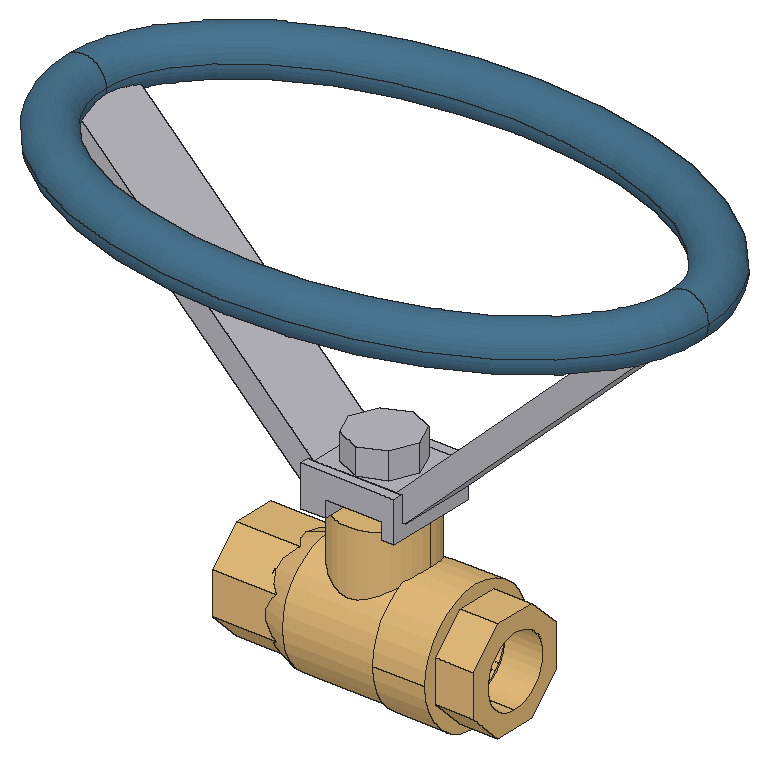
Revit family "420OHK-Ball-Valve", category Pipe Accessories, Revit 2018
Family settings
  Round Connector Dimension = Use Diameter
  Part Type = Valve - Breaks Into
  OmniClass Number = 23.60.30.11.14
  OmniClass Title = Pipework Fittings
  Work Plane-Based = No
  Always vertical = Yes
  Cut with Voids When Loaded = No
  Shared = No
Parameters
  Weight [instance] = size_lookup(LookupTable, "Weight", "NA", Nominal Diameter)  # "0.3 lbs."
  URL = "http://fnw.com"
  Standards Lookup Table = "Standards"  # constant formula
  Product ID Handle [instance] = size_lookup(LookupTable, "ProductIDHandle", "NA", Nominal Diameter)  # "1773029"
  Product ID [instance] = size_lookup(LookupTable, "ProductID", "NA", Nominal Diameter)  # "989144"
  Pipe Diameter [instance] = size_lookup(Standards Lookup Table, "pipe_dia", 0", Nominal Diameter)  # 0.54"
  Part Number Handle [instance] = size_lookup(LookupTable, "PartNumberHandle", "NA", Nominal Diameter)  # "FNW420OHKBD"
  Part Number [instance] = size_lookup(LookupTable, "PartNumber", "NA", Nominal Diameter)  # "FNW420B"
  PIpe Radius [instance] = Pipe Diameter / 2  # 0.27"
  NPT Insert [instance] = size_lookup(Standards Lookup Table, "NPT_insert", 0", Nominal Diameter)  # 0.4018"
  Manufacturer = "FNW"  # constant formula
  Description BOM Handle [instance] = size_lookup(LookupTable, "Description_BOMHandle", "NA", Nominal Diameter)  # "1/4-1/2 OVAL Handle For 420&421"
  Description BOM [instance] = size_lookup(LookupTable, "Description_BOM", "NA", Nominal Diameter)  # "Not For Potable Use 1/4 Brass 600# Threaded BV Handle"
  3_Z3 [instance] = size_lookup(LookupTable, "3_Z3", 0", Nominal Diameter)  # 1.9925"
  3_Z2 [instance] = size_lookup(LookupTable, "3_Z2", 0", Nominal Diameter)  # 1/8"
  3_Z1 [instance] = size_lookup(LookupTable, "3_Z1", 0", Nominal Diameter)  # 1.9925"
  Z3 [instance] = size_lookup(LookupTable, "Z3", 0", Nominal Diameter)  # 13/64"
  Z2 [instance] = size_lookup(LookupTable, "Z2", 0", Nominal Diameter)  # 0.925"
  Z1 [instance] = size_lookup(LookupTable, "Z1", 0", Nominal Diameter)  # 0.8"
  3_Y1 [instance] = size_lookup(LookupTable, "3_Y1", 0", Nominal Diameter)  # 2.83"
  3_X1 [instance] = size_lookup(LookupTable, "3_X1", 0", Nominal Diameter)  # 4.65"
  3_X3 [instance] = size_lookup(LookupTable, "3_X3", 0", Nominal Diameter)  # 0.7125"
  X7 [instance] = size_lookup(LookupTable, "X7", 0", Nominal Diameter)  # 1.01"
  X5 [instance] = size_lookup(LookupTable, "X5", 0", Nominal Diameter)  # 0.30135"
  X4 [instance] = size_lookup(LookupTable, "X4", 0", Nominal Diameter)  # 0.404"
  X3 [instance] = size_lookup(LookupTable, "X3", 0", Nominal Diameter)  # 0.71085"
  X2 [instance] = size_lookup(LookupTable, "X2", 0", Nominal Diameter)  # 0.202"
  X1 [instance] = size_lookup(LookupTable, "X1", 0", Nominal Diameter)  # 0.4018"
  Show Lever Clearance [instance] = no
  R3 [instance] = size_lookup(LookupTable, "R3", 0", Nominal Diameter)  # 0.49375"
  R2 [instance] = size_lookup(LookupTable, "R2", 0", Nominal Diameter)  # 0.474"
  R1_Diam [instance] = R1 * 2  # 0.79"
  R1 [instance] = size_lookup(LookupTable, "R1", 0", Nominal Diameter)  # 0.395"
  Nominal Radius [instance] = Nominal Diameter / 2  # 1/8"
  Nominal Diameter [instance] = 1/4"
  LookupTable = "420OHK-Ball-Valve"  # constant formula
  HexAngle1 [instance] = 135.00°
  D3 [instance] = size_lookup(LookupTable, "D3", 0", Nominal Diameter)  # 1/2"
  D2 [instance] = size_lookup(LookupTable, "D2", 0", Nominal Diameter)  # 5/16"
  D1 [instance] = size_lookup(LookupTable, "D1", 0", Nominal Diameter)  # 0.7125"
  3_L1 [instance] = size_lookup(LookupTable, "3_L1", 0", Nominal Diameter)  # 3/16"
  3_D1 [instance] = size_lookup(LookupTable, "3_D1", 0", Nominal Diameter)  # 0.355"
Reference planes (in)
  plane 1 "Center (Front/Back)": y = 0
  plane 2: z = 0
  plane 3 "Center (Left/Right)": x = 0
  plane 4 "X7 End": x = -1.01
  plane 5 "D1 Top": z = 0.8
  plane 6 "D2 Top": z = 0.925
  plane 7: x = -0.6082
  plane 8: x = -0.4062
  plane 9: x = 0.30465
  plane 10 "Face EXT": x = 0.70865
  plane 11: x = 1.01
  plane 12 "R3 Top": z = 0.49375
  plane 13 "R2 Top": z = 0.474
  plane 14 "R1 Top": z = 0.395
  plane 15: x = 1.14
  plane 16 "Pipe radius": z = 0.27
  plane 17 "NPT": x = -0.6082
  plane 18 "NPT 2": x = 0.6082
Forms (in)
  Extrusion 1, solid, material "Brass"
    sketch origin (0, 0, 0) x (1, 0, 0) y (0, 1, 0)
      loop
        circle (0, 0) r 0.15625
    from 0.8 to 0.925
  Revolve 2, solid, material "Brass"
    sketch origin (0, 0, 0) x (1, 0, 0) y (0, 0, 1)
      loop
        line (-0.6082, 0.395) -> (-0.6082, 0.27) -> (0.30465, 0.27) -> (0.30465, 0.474) -> (-0.4062, 0.474) -> (-0.6082, 0.395)
      axis (0.30465, 0) -> (-0.6082, 0)
    angle from 0 to 360
  Sweep 3, solid, material "Brass"
    path origin (0, 0, 0) x (1, 0, 0) y (0, 0, 1)
      loop
        line (-1.01, 0) -> (1.01, 0)
    profile origin (0, 0, 0) x (0, 0, 1) y (0, -1, 0)
      loop
        circle (0, 0) r 0.27
      loop
        line (0.16361, 0.395) -> (-0.16361, 0.395) -> (-0.395, 0.16361) -> (-0.395, -0.16361) -> (-0.16361, -0.395) -> (0.16361, -0.395) -> (0.395, -0.16361) -> (0.395, 0.16361) -> (0.16361, 0.395)
  Extrusion 4, solid, material "Brass"
    sketch origin (0, 0, 0) x (0, 1, 0) y (0, 0, 1)
      loop
        circle (0, 0) r 0.49375
      loop
        circle (0, 0) r 0.27
    from 0.30465 to 0.70865
  Extrusion 5, solid, material "Brass"
    sketch origin (0, 0, 0.27) x (-1, 0, 0) y (0, -1, 0)
      loop
        circle (0, 0) r 0.35625
    from 0 to 0.53
  Extrusion 6, solid, material "Brass", not visible
    sketch origin (-0.6082, 0, 0) x (0, 0, 1) y (0, -1, 0)
      loop
        circle (0, 0) r 0.125
    from 0 to 1.2164
Dimensions and locks (in)
  "X7": plane 4 "X7 End" to plane 3 "Center (Left/Right)"
  "Z1": plane 5 "D1 Top" to plane 2
  "Z2": plane 6 "D2 Top" to plane 2
  "X1": plane 4 "X7 End" to plane 7
  "X2": plane 8 to plane 7
  "X3": plane 9 to plane 8
  "X4": plane 10 "Face EXT" to plane 9
  "X5": plane 11 to plane 10 "Face EXT"
  "R3": plane 12 "R3 Top" to plane 2
  "R2": plane 13 "R2 Top" to plane 2
  "R1": plane 14 "R1 Top" to plane 2
  "PIpe Radius": Revolve 2 sketch curve to plane 2
  equal spacing: Sweep 3 sketch curve, plane 1 "Center (Front/Back)", Sweep 3 sketch curve  (x4)
  "R1_Diam": Sweep 3 sketch curve to Sweep 3 sketch curve  (x4)
  Sweep 3 to Sweep 3 = 0.79"  (x5)
  "R1_Diam": Sweep 3 to Sweep 3  (x4)
  "PIpe Radius": plane 16 "Pipe radius" to plane 2
  "NPT Insert": plane 4 "X7 End" to plane 17 "NPT"
  "NPT Insert": plane 11 to plane 18 "NPT 2"
  "D2": diameter of Extrusion 1 sketch curve
  "R3": radius of Extrusion 4 sketch curve
  "PIpe Radius": radius of Extrusion 4 sketch curve
  "PIpe Radius": radius of Sweep 3 sketch curve
  radius of Sweep 3 sketch curve = 0.27"
  "D1": diameter of Extrusion 5 sketch curve
  "Nominal Radius": radius of Extrusion 6 sketch curve
  angle Sweep 3 sketch curve to Sweep 3 sketch curve = 135.00°  (x6)
  angle Sweep 3 to Sweep 3 = 135.00°  (x6)
  aligned and locked: plane 2 to level
  aligned and locked: Extrusion 1 to plane 5 "D1 Top"
  aligned and locked: plane 6 "D2 Top" to Extrusion 1
  aligned and locked: Revolve 2 sketch curve to plane 13 "R2 Top"
  aligned and locked: plane 7 to Revolve 2 sketch curve
  aligned and locked: Extrusion 4 to plane 9
  aligned and locked: plane 10 "Face EXT" to Extrusion 4
  aligned and locked: Sweep 3 sketch curve to level
  aligned and locked: plane 5 "D1 Top" to Extrusion 5
  aligned and locked: plane 18 "NPT 2" to Extrusion 6
Automatic sketch dimensions
  plane 4 "X7 End" to Sweep 3 sketch curve = 0"
  Sweep 3 sketch curve to plane 11 = 0"
  plane 1 "Center (Front/Back)" to Extrusion 1 sketch curve = 0"
  Extrusion 1 sketch curve to plane 3 "Center (Left/Right)" = 0"
  Revolve 2 sketch curve to level = 0"
  Revolve 2 sketch curve to plane 8 = 0"
  Revolve 2 sketch curve to plane 9 = 0"
  Revolve 2 sketch curve to plane 14 "R1 Top" = 0"
  plane 4 "X7 End" to Revolve 2 sketch curve = 1.81248"
  plane 11 to Revolve 2 sketch curve = 4.72422"
  Sweep 3 sketch curve to plane 1 "Center (Front/Back)" = 0"
  profile plane to Sweep 3 sketch curve = 0"
  Extrusion 4 sketch curve to Extrusion 4 sketch curve = 0"  (x2)
  Extrusion 4 sketch curve to level = 0"
  Extrusion 4 sketch curve to plane 1 "Center (Front/Back)" = 0"
  plane 1 "Center (Front/Back)" to Extrusion 5 sketch curve = 0"
  Extrusion 5 sketch curve to plane 3 "Center (Left/Right)" = 0"
  Extrusion 6 sketch curve to level = 0"
  Extrusion 6 sketch curve to plane 1 "Center (Front/Back)" = 0"
Nested families (in)
  nested 1: "Oval Handle" at (0, 0, 0.925), 3_D1 <- "3_D1", 3_L1 <- "3_L1", 3_X1 <- "3_X1", 3_X3 <- "3_X3", 3_Y1 <- "3_Y1", 3_Z1 <- "3_Z1", 3_Z2 <- "3_Z2", 3_Z3 <- "3_Z3", D3 <- "D3", Z3 <- "Z3", Description BOM <- "Description BOM Handle", Part Number <- "Part Number Handle", Product ID <- "Product ID Handle", type "Oval Handle"
    with b 2.325", a 1.805", Z3 13/64", Show Lever Clearance yes, Product ID "1773029", Part Number "FNW420OHKBD", Description BOM "1/4-1/2 OVAL Handle For 420&421", D3 1/2", Center of Oval Handle 1.9925", Angle Hex Head 135.00°, 3_Z3 1.9925", 3_Z2 1/8", 3_Z1 1.9925", 3_Y1 2.83", 3_X3 0.7125", 3_X1 4.65", 3_L1_Half 3/32", 3_L1 3/16", 3_D1_Radius 0.1775", 3_D1 0.355"
Connectors (in)
  piping at (-0.6082, 0, 0), diameter 0.25, driven by "Nominal Diameter"
    settings: on Extrusion 6, index 1, connector inside diameter 24", connector length 0", flow factor 0, pipe flow 0 GPM, pressure drop 0.00 psi, fitting loss kfactor 0, connector angle 0.00°, fixture units 0, engagement length 0", angle of deflection 0.00°, flow configuration 0, flow direction 0, fitting loss method 0, system type 7, joint type 0, gender type 0, connector reference index 2, connector utility 0, adjustable connector no, is connector primary yes, connector description ""
  piping at (0.6082, 0, 0), diameter 0.25, driven by "Nominal Diameter"
    settings: on Extrusion 6, index 2, connector inside diameter 24", connector length 0", flow factor 0, pipe flow 0 GPM, pressure drop 0.00 psi, fitting loss kfactor 0, connector angle 0.00°, fixture units 0, engagement length 0", angle of deflection 0.00°, flow configuration 0, flow direction 0, fitting loss method 0, system type 7, joint type 0, gender type 0, connector reference index 1, connector utility 0, adjustable connector no, is connector primary no, connector description ""
Definition of nested family "Oval Handle"
  Parameters (values of type "Oval Handle")
    b [instance] = [3_X1] / 2  # 2.105"
    a [instance] = Center of Oval Handle - [3_L1]  # 1 11/32"
    Z3 [instance] = 0.14279"
    Product ID [instance] = ""
    Part Number [instance] = ""
    Description BOM [instance] = ""
    D3 [instance] = 0.27676"
    Center of Oval Handle [instance] = ([3_Z1] - [3_Z3]) / 2 + ([3_Z3])  # 1 15/32"
    Angle 2 = 45.00°
    Show Lever Clearance [instance] = yes
    Default Elevation = 48"
    Angle Hex Head [instance] = 135.00°
    3_Z3 [instance] = 1 5/16"
    3_Z2 [instance] = 1/8"
    3_Z1 [instance] = 1 5/8"
    3_Y1 [instance] = 2.8"
    3_X3 [instance] = 9/16"
    3_X1 [instance] = 4.21"
    3_L1_Half [instance] = [3_L1] / 2  # 1/16"
    3_L1 [instance] = 1/8"
    3_D1_Radius [instance] = [3_D1] / 2  # 0.1565"
    3_D1 [instance] = 0.313"
  Reference planes (in)
    plane 1 "Center (Front/Back)": y = 0
    plane 2: z = 0
    plane 3 "Center (Left/Right)": x = 0
    plane 4: y = 1
    plane 5: y = -1
    plane 6: y = 1.03125
    plane 7: y = -1.03125
    plane 8: x = -0.28125
    plane 9: x = 0.28125
    plane 10 "Z3_Base": z = 0.125
    plane 11: z = -0.125
    plane 12: z = 1.625
    plane 13: z = 1.3125
    plane 14: x = -2.105
    plane 15: x = 2.105
    plane 16: x = -1.28
    plane 17: x = 1.28
    plane 18: x = -0.15625
    plane 19: x = 0.21875
    plane 20: y = 1.4
    plane 21 "Center of Oval Side View": y = -1.4
    plane 22 "Centerline Oval Handle": z = 1.46875
    plane 23: y = 0.28125
    plane 24: y = -0.28125
    plane 25: z = 0.26779
  Forms (in)
    Extrusion 1, solid
      sketch origin (0, 0, 0) x (1, 0, 0) y (0, 1, 0)
        loop
          line (-48, 48) -> (-48, -48) -> (48, -48) -> (48, 48) -> (-48, 48)
      from 0 to -12
    Sweep 2, solid
      path origin (0, 0, 1.46875) x (0, -1, 0) y (1, 0, 0)
        loop
          spline (0, -2.105) -> (0.36235, -2.03327) -> (0.7, -1.82298) -> (0.98995, -1.48846) -> (1.21244, -1.0525) -> (1.3523, -0.54481) -> (1.4, 0) -> (1.3523, 0.54481) -> (1.21244, 1.0525) -> (0.98995, 1.48846) -> (0.7, 1.82298) -> (0.36235, 2.03327) -> (0, 2.105)
          spline (0, 2.105) -> (-0.36235, 2.03327) -> (-0.7, 1.82298) -> (-0.98995, 1.48846) -> (-1.21244, 1.0525) -> (-1.3523, 0.54481) -> (-1.4, 0) -> (-1.3523, -0.54481) -> (-1.21244, -1.0525) -> (-0.98995, -1.48846) -> (-0.7, -1.82298) -> (-0.36235, -2.03327) -> (0, -2.105)
      profile origin (0, 1.4, 1.46875) x (0, 1, 0) y (0, 0, 1)
        loop
          circle (0, 0) r 0.1565
    Extrusion 3, solid
      sketch origin (0, 0, 0) x (1, 0, 0) y (0, 0, 1)
        loop
          line (-0.28125, -0.125) -> (-0.15625, -0.125) -> (-0.15625, 0) -> (0.21875, 0) -> (0.21875, -0.125) -> (0.28125, -0.125) -> (0.28125, 0.125) -> (-0.28125, 0.125) -> (-0.28125, -0.125)
      from -0.28125 to 0.28125
    Sweep 4, solid
      path origin (0, 0, 0) x (1, 0, 0) y (0, 0, 1)
        loop
          line (-2.105, 1.46875) -> (-0.28125, 0.0625) -> (0.28125, 0.0625) -> (2.105, 1.46875)
      profile origin (-1.19312, 0, 0.76563) x (0.610628, 0, 0.791917) y (0, -1, 0)
        loop
          line (0.0625, -0.28125) -> (0.0625, 0.28124) -> (-0.0625, 0.28124) -> (-0.0625, -0.28125) -> (0.0625, -0.28125)
    Extrusion 5, solid
      sketch origin (0, 0, 1.46875) x (0, -1, 0) y (1, 0, 0)
        loop
          line (0.14978, 0) -> (0.10591, 0.10591) -> (0, 0.14978) -> (-0.10591, 0.10591) -> (-0.14978, 0) -> (-0.10591, -0.10591) -> (0, -0.14978) -> (0.10591, -0.10591) -> (0.14978, 0)
      from -1.34375 to -1.20096
  Lines and regions (in)
    reference lines
      curve 1: line (0, 0, 3.375) -> (0, 0, -1.625)
  Text (in)
    text "3_X1 -Center of Sweep" at (6.95247, 0, 9.12543), in view "Front"
    text "3_Y1 - Other view Left Oval Center" at (8.35736, 0, 8.09025), in view "Front"
  Dimensions and locks (in)
    equal spacing: plane 4, plane 1 "Center (Front/Back)", plane 5
    plane 4 to plane 5 = 2"
    plane 5 to plane 7 = 1/32"
    plane 6 to plane 4 = 1/32"
    equal spacing: plane 9, plane 3 "Center (Left/Right)", plane 8
    "3_X3": plane 9 to plane 8
    "3_L1": plane 10 "Z3_Base" to plane 2
    "3_Z2": plane 2 to plane 11
    "3_Z1": plane 12 to plane 2
    "3_Z3": plane 13 to plane 2
    equal spacing: plane 14, plane 3 "Center (Left/Right)", plane 15
    "3_X1": plane 14 to plane 15
    plane 14 to plane 16 = 0.825"
    plane 15 to plane 17 = 0.825"
    "3_L1": plane 18 to plane 8
    "3_L1_Half": plane 19 to plane 9
    equal spacing: plane 20, plane 1 "Center (Front/Back)", plane 21 "Center of Oval Side View"
    "3_Y1": plane 20 to plane 21 "Center of Oval Side View"
    "Center of Oval Handle": plane 22 "Centerline Oval Handle" to plane 2
    equal spacing: plane 23, plane 1 "Center (Front/Back)", plane 24
    "3_X3": plane 23 to plane 24
    equal spacing: Sweep 4 sketch curve, profile plane, Sweep 4 sketch curve
    "3_L1": Sweep 4 sketch curve to Sweep 4 sketch curve
    "3_L1_Half": Sweep 4 sketch curve to plane 2
    equal spacing: Extrusion 5 sketch curve, curve 1, Extrusion 5 sketch curve  (x4)
    "D3": Extrusion 5 sketch curve to Extrusion 5 sketch curve  (x4)
    "Z3": plane 25 to plane 10 "Z3_Base"
    "3_D1_Radius": radius of Sweep 2 sketch curve
    "Angle Hex Head": angle Extrusion 5 sketch curve to Extrusion 5 sketch curve  (x7)
    aligned and locked: plane 2 to Extrusion 1
    aligned and locked: level to Extrusion 1
    aligned and locked: curve 1 to plane 3 "Center (Left/Right)"
    aligned and locked: plane 20 to Sweep 2 sketch curve
    aligned and locked: plane 21 "Center of Oval Side View" to Sweep 2 sketch curve
    aligned and locked: plane 15 to Sweep 2 sketch curve
    aligned and locked: plane 14 to Sweep 2 sketch curve
    aligned and locked: plane 23 to Extrusion 3
    aligned and locked: Extrusion 3 to plane 24
    aligned and locked: plane 14 to Sweep 4 sketch curve
    aligned and locked: plane 22 "Centerline Oval Handle" to Sweep 4 sketch curve  (x2)
    aligned and locked: plane 15 to Sweep 4 sketch curve
    aligned and locked: plane 10 "Z3_Base" to Extrusion 5
    aligned and locked: Extrusion 5 to plane 25
  Automatic sketch dimensions
    Extrusion 1 sketch curve to Extrusion 1 sketch curve = 96"  (x2)
    curve 1 to level = 1 5/8"
    level to curve 1 = 3 3/8"
    Extrusion 3 sketch curve to plane 8 = 0"
    Extrusion 3 sketch curve to plane 11 = 0"  (x2)
    Extrusion 3 sketch curve to plane 18 = 0"
    Extrusion 3 sketch curve to level = 0"
    Extrusion 3 sketch curve to plane 19 = 0"
    Extrusion 3 sketch curve to plane 9 = 0"
    Extrusion 3 sketch curve to plane 10 "Z3_Base" = 0"
    plane 22 "Centerline Oval Handle" to Sweep 2 sketch curve = 0"
    Sweep 2 sketch curve to profile plane = 0"
    Sweep 4 sketch curve to plane 8 = 0"
    Sweep 4 sketch curve to plane 9 = 0"
    Sweep 4 sketch curve to plane 1 "Center (Front/Back)" = 9/32"
    plane 1 "Center (Front/Back)" to Sweep 4 sketch curve = 9/32"
    plane 1 "Center (Front/Back)" to Extrusion 5 sketch curve = 0"
